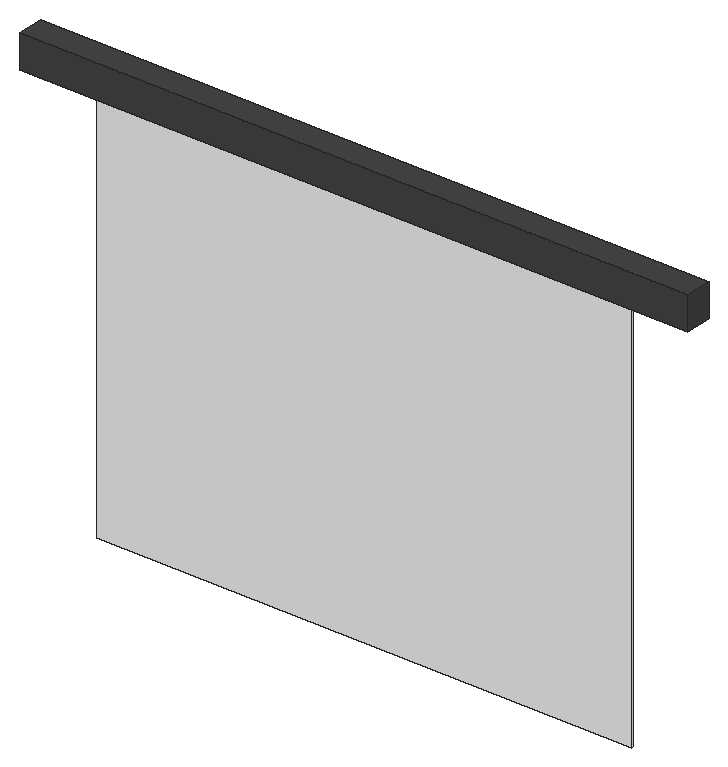
Revit family
Reference planes (in)
  plane 1 "Center (Front/Back)": y = 0
  plane 2: z = 0
  plane 3 "Center (Left/Right)": x = 0
Forms (in)
  Extrusion 1, solid, material "Case"
    sketch origin (0, 3.5, 0) x (1, 0, 0) y (0, 1, 0)
      loop
        line (-47.75, -6) -> (72, -6) -> (72, -1.25) -> (-47.75, -1.25) -> (-47.75, -6)
    from 0 to 6
  Extrusion 2, solid, material "Screen"
    sketch origin (0, 0, 0) x (1, 0, 0) y (0, 0, 1)
      loop
        line (-35.75, -72) -> (60.25, -72) -> (60.25, 0) -> (-35.75, 0) -> (-35.75, -72)
    from 0 to 0.25
Lines and regions (in)
  reference lines
    curve 1: line (-47.75, -1.25, 0) -> (72, -1.25, 0)
    curve 2: line (72, -1.25, 0) -> (72, -6, 0)
    curve 3: line (72, -6, 0) -> (-47.75, -6, 0)
    curve 4: line (-47.75, -6, 0) -> (-47.75, -1.25, 0)
    curve 5: line (-47.75, 0, 0) -> (-35.75, 0, 0)
    curve 6: line (-35.75, 0, 0) -> (-35.75, 0, -72)
    curve 7: line (-35.75, 0, -72) -> (60.25, 0, -72)
    curve 8: line (60.25, 0, -72) -> (60.25, 0, 0)
